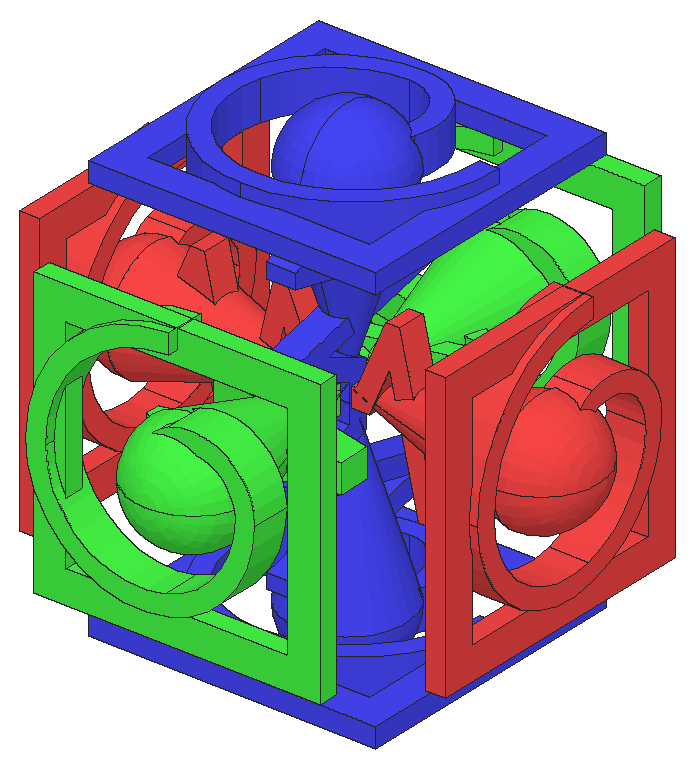
Revit family "Auflager - benutzerdefiniert", category Auflagerbedingungen, Revit 2023
Family settings
  Arbeitsebenenbasiert = Nein
  Immer vertikal = Ja
  Beim Laden mit Abzugskörper schneiden = Nein
  Gemeinsam genutzt = Nein
Parameters (values of type "benutzerdefiniert")
  built-in parameter 1140532 [instance] = yes
  built-in parameter 1140531 [instance] = yes
  built-in parameter 1140530 [instance] = yes
  built-in parameter 1140529 [instance] = yes
  built-in parameter 1140528 [instance] = yes
  built-in parameter 1140527 [instance] = yes
  built-in parameter 1140526 [instance] = yes
  built-in parameter 1140525 [instance] = yes
  built-in parameter 1140524 [instance] = yes
  built-in parameter 1140523 [instance] = yes
  built-in parameter 1140522 [instance] = yes
  built-in parameter 1140521 [instance] = yes
Reference planes
  plane 1 "Mitte (Vorne/hinten)": y = 0
  plane 2: z = 0
  plane 3 "Mitte (Links/rechts)": x = 0
  plane 4 "Xleft": x = 125.406
  plane 5 "Xright": x = -125.406
  plane 6 "Ztop": z = 125.406
  plane 7 "Zbot": z = -125.406
  plane 8 "PosY": y = 131.756
  plane 9 "NegY": y = -131.756
  plane 10 "PosX": x = 131.756
  plane 11 "NegX": x = -131.756
  plane 12: z = -50.8
  plane 13: z = 50.8
Forms (mm)
  Revolve 1, solid, material "X-Richtung", visible <- "built-in parameter 1140523"
    sketch origin (0, 0, 0) x (1, 0, 0) y (0, 1, 0)
      loop
        line (-0.56, 0.323) -> (-125.406, 38.493)
        arc (-125.406, 38.493) -> (-152.625, 27.218) -> (-163.899, 0) r 38.493
        line (-163.899, 0) -> (0, 0) -> (163.899, 0)
        arc (163.899, 0) -> (152.625, 27.218) -> (125.406, 38.493) r 38.493
        line (125.406, 38.493) -> (0.56, 0.323) -> (-0.56, 0.323)
      axis (-163.899, 0) -> (163.899, 0)
    angle from 0 to 360
  Revolve 2, solid, material "Y-Richtung", visible <- "built-in parameter 1140527"
    sketch origin (0, 0, 0) x (0, 1, 0) y (-1, 0, 0)
      loop
        line (-0.56, 0.323) -> (-125.406, 38.493)
        arc (-125.406, 38.493) -> (-152.625, 27.218) -> (-163.899, 0) r 38.493
        line (-163.899, 0) -> (0, 0) -> (163.899, 0)
        arc (163.899, 0) -> (152.625, 27.218) -> (125.406, 38.493) r 38.493
        line (125.406, 38.493) -> (0.56, 0.323) -> (-0.56, 0.323)
      axis (-163.899, 0) -> (163.899, 0)
    angle from 0 to 360
  Revolve 3, solid, material "Z-Richtung", visible <- "built-in parameter 1140531"
    sketch origin (0, 0, 0) x (0, 0, -1) y (0, 1, 0)
      loop
        line (-0.56, 0.323) -> (-125.406, 38.493)
        arc (-125.406, 38.493) -> (-152.625, 27.218) -> (-163.899, 0) r 38.493
        line (-163.899, 0) -> (0, 0) -> (163.899, 0)
        arc (163.899, 0) -> (152.625, 27.218) -> (125.406, 38.493) r 38.493
        line (125.406, 38.493) -> (0.56, 0.323) -> (-0.56, 0.323)
      axis (-163.899, 0) -> (163.899, 0)
    angle from 0 to 360
  Sweep 4, solid, material "X-Richtung", visible <- "built-in parameter 1140521"
    path origin (125.406, 0, -82.526) x (0, 0, 1) y (0, 1, 0)
      loop
        line (0, 93.076) -> (0, -93.076)
    profile origin (125.406, 0, -82.526) x (0, 0, 1) y (-1, 0, 0)
      loop
        line (10.55, 0) -> (-10.55, 0) -> (-10.55, -12.7) -> (10.55, -12.7) -> (10.55, 0)
  Sweep 5, solid, material "X-Richtung", visible <- "built-in parameter 1140521"
    path origin (125.406, -82.526, 0) x (0, 1, 0) y (0, 0, -1)
      loop
        line (0, 93.076) -> (0, -93.076)
    profile origin (125.406, -82.526, 0) x (0, 1, 0) y (-1, 0, 0)
      loop
        line (10.55, 0) -> (-10.55, 0) -> (-10.55, -12.7) -> (10.55, -12.7) -> (10.55, 0)
  Sweep 6, solid, material "X-Richtung", visible <- "built-in parameter 1140521"
    path origin (-138.106, 0, -82.526) x (0, 0, 1) y (0, 1, 0)
      loop
        line (0, 93.076) -> (0, -93.076)
    profile origin (-138.106, 0, -82.526) x (0, 0, 1) y (-1, 0, 0)
      loop
        line (10.55, 0) -> (-10.55, 0) -> (-10.55, -12.7) -> (10.55, -12.7) -> (10.55, 0)
  Sweep 7, solid, material "X-Richtung", visible <- "built-in parameter 1140521"
    path origin (-138.106, -82.526, 0) x (0, 1, 0) y (0, 0, -1)
      loop
        line (0, 93.076) -> (0, -93.076)
    profile origin (-138.106, -82.526, 0) x (0, 1, 0) y (-1, 0, 0)
      loop
        line (10.55, 0) -> (-10.55, 0) -> (-10.55, -12.7) -> (10.55, -12.7) -> (10.55, 0)
  Sweep 8, solid, material "Z-Richtung", visible <- "built-in parameter 1140529"
    path origin (-82.526, 0, 125.406) x (0, 1, 0) y (-1, 0, 0)
      loop
        line (93.076, 0) -> (-93.076, 0)
    profile origin (-82.526, 0, 125.406) x (1, 0, 0) y (0, 0, 1)
      loop
        line (-10.55, 0) -> (10.55, 0) -> (10.55, 12.7) -> (-10.55, 12.7) -> (-10.55, 0)
  Sweep 9, solid, material "Z-Richtung", visible <- "built-in parameter 1140529"
    path origin (0, -82.526, 125.406) x (1, 0, 0) y (0, 1, 0)
      loop
        line (93.076, 0) -> (-93.076, 0)
    profile origin (0, -82.526, 125.406) x (0, -1, 0) y (0, 0, 1)
      loop
        line (-10.55, 0) -> (10.55, 0) -> (10.55, 12.7) -> (-10.55, 12.7) -> (-10.55, 0)
  Sweep 10, solid, material "Z-Richtung", visible <- "built-in parameter 1140529"
    path origin (-82.526, 0, -138.106) x (0, 1, 0) y (-1, 0, 0)
      loop
        line (93.076, 0) -> (-93.076, 0)
    profile origin (-82.526, 0, -138.106) x (1, 0, 0) y (0, 0, 1)
      loop
        line (-10.55, 0) -> (10.55, 0) -> (10.55, 12.7) -> (-10.55, 12.7) -> (-10.55, 0)
  Sweep 11, solid, material "Z-Richtung", visible <- "built-in parameter 1140529"
    path origin (0, -82.526, -138.106) x (1, 0, 0) y (0, 1, 0)
      loop
        line (93.076, 0) -> (-93.076, 0)
    profile origin (0, -82.526, -138.106) x (0, -1, 0) y (0, 0, 1)
      loop
        line (-10.55, 0) -> (10.55, 0) -> (10.55, 12.7) -> (-10.55, 12.7) -> (-10.55, 0)
  Sweep 12, solid, material "Y-Richtung", visible <- "built-in parameter 1140525"
    path origin (-82.55, 125.406, 0) x (-1, 0, 0) y (0, 0, -1)
      loop
        line (0, 93.076) -> (0, -93.076)
    profile origin (-82.55, 125.406, 0) x (-1, 0, 0) y (0, -1, 0)
      loop
        line (10.55, 0) -> (-10.55, 0) -> (-10.55, -12.7) -> (10.55, -12.7) -> (10.55, 0)
  Sweep 13, solid, material "Y-Richtung", visible <- "built-in parameter 1140525"
    path origin (0, 125.406, -82.55) x (0, 0, -1) y (1, 0, 0)
      loop
        line (0, 93.076) -> (0, -93.076)
    profile origin (0, 125.406, -82.55) x (0, 0, -1) y (0, -1, 0)
      loop
        line (10.55, 0) -> (-10.55, 0) -> (-10.55, -12.7) -> (10.55, -12.7) -> (10.55, 0)
  Sweep 14, solid, material "Y-Richtung", visible <- "built-in parameter 1140525"
    path origin (82.526, -138.106, 0) x (-1, 0, 0) y (0, 0, -1)
      loop
        line (0, 93.076) -> (0, -93.076)
    profile origin (82.526, -138.106, 0) x (-1, 0, 0) y (0, -1, 0)
      loop
        line (10.55, 0) -> (-10.55, 0) -> (-10.55, -12.7) -> (10.55, -12.7) -> (10.55, 0)
  Sweep 15, solid, material "Y-Richtung", visible <- "built-in parameter 1140525"
    path origin (0, -138.106, -82.526) x (0, 0, -1) y (1, 0, 0)
      loop
        line (0, 93.076) -> (0, -93.076)
    profile origin (0, -138.106, -82.526) x (0, 0, -1) y (0, -1, 0)
      loop
        line (10.55, 0) -> (-10.55, 0) -> (-10.55, -12.7) -> (10.55, -12.7) -> (10.55, 0)
  Sweep 16, solid, material "X-Richtung", visible <- "built-in parameter 1140521"
    path origin (-138.106, 0, 82.526) x (0, 0, 1) y (0, 1, 0)
      loop
        line (0, 93.076) -> (0, -93.076)
    profile origin (-138.106, 0, 82.526) x (0, 0, 1) y (-1, 0, 0)
      loop
        line (10.55, 0) -> (-10.55, 0) -> (-10.55, -12.7) -> (10.55, -12.7) -> (10.55, 0)
  Sweep 17, solid, material "Y-Richtung", visible <- "built-in parameter 1140525"
    path origin (0, 125.406, 82.55) x (0, 0, -1) y (1, 0, 0)
      loop
        line (0, 93.076) -> (0, -93.076)
    profile origin (0, 125.406, 82.55) x (0, 0, -1) y (0, -1, 0)
      loop
        line (10.55, 0) -> (-10.55, 0) -> (-10.55, -12.7) -> (10.55, -12.7) -> (10.55, 0)
  Sweep 18, solid, material "Y-Richtung", visible <- "built-in parameter 1140525"
    path origin (82.55, 125.406, 0) x (-1, 0, 0) y (0, 0, -1)
      loop
        line (0, 93.076) -> (0, -93.076)
    profile origin (82.55, 125.406, 0) x (-1, 0, 0) y (0, -1, 0)
      loop
        line (10.55, 0) -> (-10.55, 0) -> (-10.55, -12.7) -> (10.55, -12.7) -> (10.55, 0)
  Sweep 19, solid, material "Z-Richtung", visible <- "built-in parameter 1140529"
    path origin (82.526, 0, 125.406) x (0, 1, 0) y (-1, 0, 0)
      loop
        line (93.076, 0) -> (-93.076, 0)
    profile origin (82.526, 0, 125.406) x (1, 0, 0) y (0, 0, 1)
      loop
        line (-10.55, 0) -> (10.55, 0) -> (10.55, 12.7) -> (-10.55, 12.7) -> (-10.55, 0)
  Sweep 20, solid, material "Z-Richtung", visible <- "built-in parameter 1140529"
    path origin (82.526, 0, -138.106) x (0, 1, 0) y (-1, 0, 0)
      loop
        line (93.076, 0) -> (-93.076, 0)
    profile origin (82.526, 0, -138.106) x (1, 0, 0) y (0, 0, 1)
      loop
        line (-10.55, 0) -> (10.55, 0) -> (10.55, 12.7) -> (-10.55, 12.7) -> (-10.55, 0)
  Sweep 21, solid, material "X-Richtung", visible <- "built-in parameter 1140521"
    path origin (125.406, 0, 82.526) x (0, 0, 1) y (0, 1, 0)
      loop
        line (0, 93.076) -> (0, -93.076)
    profile origin (125.406, 0, 82.526) x (0, 0, 1) y (-1, 0, 0)
      loop
        line (10.55, 0) -> (-10.55, 0) -> (-10.55, -12.7) -> (10.55, -12.7) -> (10.55, 0)
  Sweep 22, solid, material "Y-Richtung", visible <- "built-in parameter 1140525"
    path origin (0, -138.106, 82.526) x (0, 0, -1) y (1, 0, 0)
      loop
        line (0, 93.076) -> (0, -93.076)
    profile origin (0, -138.106, 82.526) x (0, 0, -1) y (0, -1, 0)
      loop
        line (10.55, 0) -> (-10.55, 0) -> (-10.55, -12.7) -> (10.55, -12.7) -> (10.55, 0)
  Sweep 23, solid, material "X-Richtung", visible <- "built-in parameter 1140521"
    path origin (-138.106, 82.526, 0) x (0, 1, 0) y (0, 0, -1)
      loop
        line (0, 93.076) -> (0, -93.076)
    profile origin (-138.106, 82.526, 0) x (0, 1, 0) y (-1, 0, 0)
      loop
        line (10.55, 0) -> (-10.55, 0) -> (-10.55, -12.7) -> (10.55, -12.7) -> (10.55, 0)
  Sweep 24, solid, material "Z-Richtung", visible <- "built-in parameter 1140529"
    path origin (0, 82.526, 125.406) x (1, 0, 0) y (0, 1, 0)
      loop
        line (93.076, 0) -> (-93.076, 0)
    profile origin (0, 82.526, 125.406) x (0, -1, 0) y (0, 0, 1)
      loop
        line (-10.55, 0) -> (10.55, 0) -> (10.55, 12.7) -> (-10.55, 12.7) -> (-10.55, 0)
  Sweep 25, solid, material "Z-Richtung", visible <- "built-in parameter 1140529"
    path origin (0, 82.526, -138.106) x (1, 0, 0) y (0, 1, 0)
      loop
        line (93.076, 0) -> (-93.076, 0)
    profile origin (0, 82.526, -138.106) x (0, -1, 0) y (0, 0, 1)
      loop
        line (-10.55, 0) -> (10.55, 0) -> (10.55, 12.7) -> (-10.55, 12.7) -> (-10.55, 0)
  Sweep 26, solid, material "Y-Richtung", visible <- "built-in parameter 1140525"
    path origin (-82.526, -138.106, 0) x (-1, 0, 0) y (0, 0, -1)
      loop
        line (0, 93.076) -> (0, -93.076)
    profile origin (-82.526, -138.106, 0) x (-1, 0, 0) y (0, -1, 0)
      loop
        line (10.55, 0) -> (-10.55, 0) -> (-10.55, -12.7) -> (10.55, -12.7) -> (10.55, 0)
  Sweep 27, solid, material "X-Richtung", visible <- "built-in parameter 1140521"
    path origin (125.406, 82.526, 0) x (0, 1, 0) y (0, 0, -1)
      loop
        line (0, 93.076) -> (0, -93.076)
    profile origin (125.406, 82.526, 0) x (0, 1, 0) y (-1, 0, 0)
      loop
        line (10.55, 0) -> (-10.55, 0) -> (-10.55, -12.7) -> (10.55, -12.7) -> (10.55, 0)
  Extrusion 28, solid, material "Y-Richtung", visible <- "built-in parameter 1140526"
    sketch origin (0, 131.756, 0) x (-1, 0, 0) y (0, 0, 1)
      loop
        line (0, 93.076) -> (0, 80.376)
        arc (0, 80.376) -> (56.835, 56.835) -> (80.376, 0) r 80.376
        arc (80.376, 0) -> (56.433, -48.783) -> (3.195, -59.685) r 61.668
        arc (3.195, -59.685) -> (-30.075, -37.724) -> (-42.959, 0) r 61.668
        arc (-42.959, 0) -> (-30.696, 23.391) -> (-4.482, 26.61) r 28.44
        arc (-4.482, 26.61) -> (5.593, 17.418) -> (6.596, 3.817) r 18.438
        arc (6.596, 3.817) -> (5.105, 1.959) -> (2.751, 1.597) r 3.285
        line (2.751, 1.597) -> (0, -10.801)
        arc (0, -10.801) -> (11.455, -9.039) -> (18.709, 0) r 15.985
        arc (18.709, 0) -> (17.016, 22.97) -> (0, 38.493) r 31.138
        arc (0, 38.493) -> (-37.92, 33.837) -> (-55.659, 0) r 41.14
        arc (-55.659, 0) -> (-40.121, -45.493) -> (0, -71.976) r 74.368
        arc (0, -71.976) -> (64.202, -58.83) -> (93.076, 0) r 74.368
        arc (93.076, 0) -> (65.815, 65.815) -> (0, 93.076) r 93.076
    from -12.7 to 12.7
  Extrusion 29, solid, material "X-Richtung", visible <- "built-in parameter 1140522"
    sketch origin (131.621, 18.709, 0) x (0, -1, 0) y (0, 0, 1)
      loop
        line (0, 93.076) -> (0, 80.376)
        arc (0, 80.376) -> (56.835, 56.835) -> (80.376, 0) r 80.376
        arc (80.376, 0) -> (56.433, -48.783) -> (3.195, -59.685) r 61.668
        arc (3.195, -59.685) -> (-30.075, -37.724) -> (-42.959, 0) r 61.668
        arc (-42.959, 0) -> (-30.696, 23.391) -> (-4.482, 26.61) r 28.44
        arc (-4.482, 26.61) -> (5.593, 17.418) -> (6.596, 3.817) r 18.438
        arc (6.596, 3.817) -> (5.105, 1.959) -> (2.751, 1.597) r 3.285
        line (2.751, 1.597) -> (0, -10.801)
        arc (0, -10.801) -> (11.455, -9.039) -> (18.709, 0) r 15.985
        arc (18.709, 0) -> (17.016, 22.97) -> (0, 38.493) r 31.138
        arc (0, 38.493) -> (-37.92, 33.837) -> (-55.659, 0) r 41.14
        arc (-55.659, 0) -> (-40.121, -45.493) -> (0, -71.976) r 74.368
        arc (0, -71.976) -> (64.202, -58.83) -> (93.076, 0) r 74.368
        arc (93.076, 0) -> (65.815, 65.815) -> (0, 93.076) r 93.076
    from -12.7 to 12.7
  Extrusion 30, solid, material "X-Richtung", visible <- "built-in parameter 1140522"
    sketch origin (-131.756, 18.709, 0) x (0, -1, 0) y (0, 0, 1)
      loop
        line (0, 93.076) -> (0, 80.376)
        arc (0, 80.376) -> (56.835, 56.835) -> (80.376, 0) r 80.376
        arc (80.376, 0) -> (56.433, -48.783) -> (3.195, -59.685) r 61.668
        arc (3.195, -59.685) -> (-30.075, -37.724) -> (-42.959, 0) r 61.668
        arc (-42.959, 0) -> (-30.696, 23.391) -> (-4.482, 26.61) r 28.44
        arc (-4.482, 26.61) -> (5.593, 17.418) -> (6.596, 3.817) r 18.438
        arc (6.596, 3.817) -> (5.105, 1.959) -> (2.751, 1.597) r 3.285
        line (2.751, 1.597) -> (0, -10.801)
        arc (0, -10.801) -> (11.455, -9.039) -> (18.709, 0) r 15.985
        arc (18.709, 0) -> (17.016, 22.97) -> (0, 38.493) r 31.138
        arc (0, 38.493) -> (-37.92, 33.837) -> (-55.659, 0) r 41.14
        arc (-55.659, 0) -> (-40.121, -45.493) -> (0, -71.976) r 74.368
        arc (0, -71.976) -> (64.202, -58.83) -> (93.076, 0) r 74.368
        arc (93.076, 0) -> (65.815, 65.815) -> (0, 93.076) r 93.076
    from -12.7 to 12.7
  Extrusion 31, solid, material "Z-Richtung", visible <- "built-in parameter 1140530"
    sketch origin (-9.49, 18.709, -130.475) x (0, -1, 0) y (1, 0, 0)
      loop
        line (0, 93.076) -> (0, 80.376)
        arc (0, 80.376) -> (56.835, 56.835) -> (80.376, 0) r 80.376
        arc (80.376, 0) -> (56.433, -48.783) -> (3.195, -59.685) r 61.668
        arc (3.195, -59.685) -> (-30.075, -37.724) -> (-42.959, 0) r 61.668
        arc (-42.959, 0) -> (-30.696, 23.391) -> (-4.482, 26.61) r 28.44
        arc (-4.482, 26.61) -> (5.593, 17.418) -> (6.596, 3.817) r 18.438
        arc (6.596, 3.817) -> (5.105, 1.959) -> (2.751, 1.597) r 3.285
        line (2.751, 1.597) -> (0, -10.801)
        arc (0, -10.801) -> (11.455, -9.039) -> (18.709, 0) r 15.985
        arc (18.709, 0) -> (17.016, 22.97) -> (0, 38.493) r 31.138
        arc (0, 38.493) -> (-37.92, 33.837) -> (-55.659, 0) r 41.14
        arc (-55.659, 0) -> (-40.121, -45.493) -> (0, -71.976) r 74.368
        arc (0, -71.976) -> (64.202, -58.83) -> (93.076, 0) r 74.368
        arc (93.076, 0) -> (65.815, 65.815) -> (0, 93.076) r 93.076
    from -12.7 to 12.7
  Extrusion 32, solid, material "Z-Richtung", visible <- "built-in parameter 1140530"
    sketch origin (-9.49, 18.709, 133.805) x (0, -1, 0) y (1, 0, 0)
      loop
        line (0, 93.076) -> (0, 80.376)
        arc (0, 80.376) -> (56.835, 56.835) -> (80.376, 0) r 80.376
        arc (80.376, 0) -> (56.433, -48.783) -> (3.195, -59.685) r 61.668
        arc (3.195, -59.685) -> (-30.075, -37.724) -> (-42.959, 0) r 61.668
        arc (-42.959, 0) -> (-30.696, 23.391) -> (-4.482, 26.61) r 28.44
        arc (-4.482, 26.61) -> (5.593, 17.418) -> (6.596, 3.817) r 18.438
        arc (6.596, 3.817) -> (5.105, 1.959) -> (2.751, 1.597) r 3.285
        line (2.751, 1.597) -> (0, -10.801)
        arc (0, -10.801) -> (11.455, -9.039) -> (18.709, 0) r 15.985
        arc (18.709, 0) -> (17.016, 22.97) -> (0, 38.493) r 31.138
        arc (0, 38.493) -> (-37.92, 33.837) -> (-55.659, 0) r 41.14
        arc (-55.659, 0) -> (-40.121, -45.493) -> (0, -71.976) r 74.368
        arc (0, -71.976) -> (64.202, -58.83) -> (93.076, 0) r 74.368
        arc (93.076, 0) -> (65.815, 65.815) -> (0, 93.076) r 93.076
    from -12.7 to 12.7
  Extrusion 33, solid, material "X-Richtung", visible <- "built-in parameter 1140524"
    sketch origin (0, 0, 0) x (-1, 0, 0) y (0, 0, -1)
      loop
        line (0, 6.35) -> (0, -6.35) -> (12.7, -6.35) -> (31.568, -50.8) -> (41.047, -50.8) -> (63.299, 45.585) -> (85.552, -50.8) -> (95.031, -50.8) -> (113.899, -6.35) -> (138.106, -6.35) -> (138.106, 6.35) -> (105.493, 6.35) -> (92.473, -24.323) -> (73.401, 58.285) -> (53.197, 58.285) -> (34.126, -24.323) -> (21.106, 6.35) -> (0, 6.35)
    from -10.066 to 8.524
  Extrusion 34, solid, material "Y-Richtung", visible <- "built-in parameter 1140526"
    sketch origin (0, -131.756, 0) x (-1, 0, 0) y (0, 0, 1)
      loop
        line (0, 93.076) -> (0, 80.376)
        arc (0, 80.376) -> (56.835, 56.835) -> (80.376, 0) r 80.376
        arc (80.376, 0) -> (56.433, -48.783) -> (3.195, -59.685) r 61.668
        arc (3.195, -59.685) -> (-30.075, -37.724) -> (-42.959, 0) r 61.668
        arc (-42.959, 0) -> (-30.696, 23.391) -> (-4.482, 26.61) r 28.44
        arc (-4.482, 26.61) -> (5.593, 17.418) -> (6.596, 3.817) r 18.438
        arc (6.596, 3.817) -> (5.105, 1.959) -> (2.751, 1.597) r 3.285
        line (2.751, 1.597) -> (0, -10.801)
        arc (0, -10.801) -> (11.455, -9.039) -> (18.709, 0) r 15.985
        arc (18.709, 0) -> (17.016, 22.97) -> (0, 38.493) r 31.138
        arc (0, 38.493) -> (-37.92, 33.837) -> (-55.659, 0) r 41.14
        arc (-55.659, 0) -> (-40.121, -45.493) -> (0, -71.976) r 74.368
        arc (0, -71.976) -> (64.202, -58.83) -> (93.076, 0) r 74.368
        arc (93.076, 0) -> (65.815, 65.815) -> (0, 93.076) r 93.076
    from -12.7 to 12.7
  Extrusion 35, solid, material "X-Richtung", visible <- "built-in parameter 1140524"
    sketch origin (0, 0, 0) x (1, 0, 0) y (0, 0, 1)
      loop
        line (0, -6.35) -> (21.106, -6.35) -> (34.126, 24.323) -> (53.197, -58.285) -> (73.401, -58.285) -> (92.473, 24.323) -> (105.493, -6.35) -> (138.106, -6.35) -> (138.106, 6.35) -> (113.899, 6.35) -> (95.031, 50.8) -> (85.552, 50.8) -> (63.299, -45.585) -> (41.047, 50.8) -> (31.568, 50.8) -> (12.7, 6.35) -> (0, 6.35) -> (0, -6.35)
    from -10.066 to 8.524
  Extrusion 36, solid, material "Z-Richtung", visible <- "built-in parameter 1140532"
    sketch origin (-0.771, -2.971, -3.743) x (0, 0, 1) y (0, 1, 0)
      loop
        line (0, 6.35) -> (0, -6.35) -> (12.7, -6.35) -> (31.568, -50.8) -> (41.047, -50.8) -> (63.299, 45.585) -> (85.552, -50.8) -> (95.031, -50.8) -> (113.899, -6.35) -> (138.106, -6.35) -> (138.106, 6.35) -> (105.493, 6.35) -> (92.473, -24.323) -> (73.401, 58.285) -> (53.197, 58.285) -> (34.126, -24.323) -> (21.106, 6.35) -> (0, 6.35)
    from -10.066 to 8.524
  Extrusion 37, solid, material "Z-Richtung", visible <- "built-in parameter 1140532"
    sketch origin (-0.771, -2.971, -3.743) x (0, 0, -1) y (0, -1, 0)
      loop
        line (0, -6.35) -> (21.106, -6.35) -> (34.126, 24.323) -> (53.197, -58.285) -> (73.401, -58.285) -> (92.473, 24.323) -> (105.493, -6.35) -> (138.106, -6.35) -> (138.106, 6.35) -> (113.899, 6.35) -> (95.031, 50.8) -> (85.552, 50.8) -> (63.299, -45.585) -> (41.047, 50.8) -> (31.568, 50.8) -> (12.7, 6.35) -> (0, 6.35) -> (0, -6.35)
    from -10.066 to 8.524
  Extrusion 38, solid, material "Y-Richtung", visible <- "built-in parameter 1140528"
    sketch origin (-3.743, 0.771, -2.971) x (0, -1, 0) y (1, 0, 0)
      loop
        line (0, 6.35) -> (0, -6.35) -> (12.7, -6.35) -> (31.568, -50.8) -> (41.047, -50.8) -> (63.299, 45.585) -> (85.552, -50.8) -> (95.031, -50.8) -> (113.899, -6.35) -> (138.106, -6.35) -> (138.106, 6.35) -> (105.493, 6.35) -> (92.473, -24.323) -> (73.401, 58.285) -> (53.197, 58.285) -> (34.126, -24.323) -> (21.106, 6.35) -> (0, 6.35)
    from -10.066 to 8.524
  Extrusion 39, solid, material "Y-Richtung", visible <- "built-in parameter 1140528"
    sketch origin (-3.743, 0.771, -2.971) x (0, 1, 0) y (-1, 0, 0)
      loop
        line (0, -6.35) -> (21.106, -6.35) -> (34.126, 24.323) -> (53.197, -58.285) -> (73.401, -58.285) -> (92.473, 24.323) -> (105.493, -6.35) -> (138.106, -6.35) -> (138.106, 6.35) -> (113.899, 6.35) -> (95.031, 50.8) -> (85.552, 50.8) -> (63.299, -45.585) -> (41.047, 50.8) -> (31.568, 50.8) -> (12.7, 6.35) -> (0, 6.35) -> (0, -6.35)
    from -10.066 to 8.524
Cuts and joins
  joined: Sweep 12, Sweep 13, Sweep 17, Sweep 18
  joined: Sweep 14, Sweep 15, Sweep 22, Sweep 26
  joined: Sweep 6, Sweep 7, Sweep 16, Sweep 23
  joined: Sweep 8, Sweep 9, Sweep 10, Sweep 11, Sweep 19, Sweep 20, Sweep 24, Sweep 25
  joined: Sweep 4, Sweep 5, Sweep 21, Sweep 27
Lines and regions (mm)
  model lines
    curve 1: line (-131.756, 0, 0) -> (131.756, 0, 0)
    curve 2: line (0, 0, -138.106) -> (0, 0, 128.594)
    curve 3: line (0, 131.756, 0) -> (0, -131.756, 0)
Dimensions and locks
  Sweep 4 sketch curve to Sweep 4 sketch curve to level = 21.1 mm, 71.976 mm
  Sweep 5 sketch curve to Sweep 5 sketch curve = 21.1 mm
  Sweep 6 sketch curve to Sweep 6 sketch curve = 21.1 mm
  Sweep 7 sketch curve to Sweep 7 sketch curve = 21.1 mm
  Sweep 8 sketch curve to Sweep 8 sketch curve = 21.1 mm
  Sweep 9 sketch curve to Sweep 9 sketch curve = 21.1 mm
  Sweep 10 sketch curve to Sweep 10 sketch curve = 21.1 mm
  Sweep 11 sketch curve to Sweep 11 sketch curve = 21.1 mm
  Sweep 12 sketch curve to Sweep 12 sketch curve = 21.1 mm
  Sweep 13 sketch curve to Sweep 13 sketch curve = 21.1 mm
  Sweep 14 sketch curve to Sweep 14 sketch curve = 21.1 mm
  Sweep 15 sketch curve to Sweep 15 sketch curve = 21.1 mm
  Sweep 16 sketch curve to Sweep 16 sketch curve = 21.1 mm
  Sweep 17 sketch curve to Sweep 17 sketch curve = 21.1 mm
  Sweep 18 sketch curve to Sweep 18 sketch curve = 21.1 mm
  Sweep 19 sketch curve to Sweep 19 sketch curve = 21.1 mm
  Sweep 20 sketch curve to Sweep 20 sketch curve = 21.1 mm
  Sweep 21 sketch curve to Sweep 21 sketch curve = 21.1 mm
  Sweep 22 sketch curve to Sweep 22 sketch curve = 21.1 mm
  Sweep 23 sketch curve to Sweep 23 sketch curve = 21.1 mm
  Sweep 24 sketch curve to Sweep 24 sketch curve = 21.1 mm
  Sweep 25 sketch curve to Sweep 25 sketch curve = 21.1 mm
  Sweep 26 sketch curve to Sweep 26 sketch curve = 21.1 mm
  Sweep 27 sketch curve to Sweep 27 sketch curve = 21.1 mm
  plane 12 to plane 2 = 50.8 mm
  plane 2 to plane 13 = 50.8 mm
